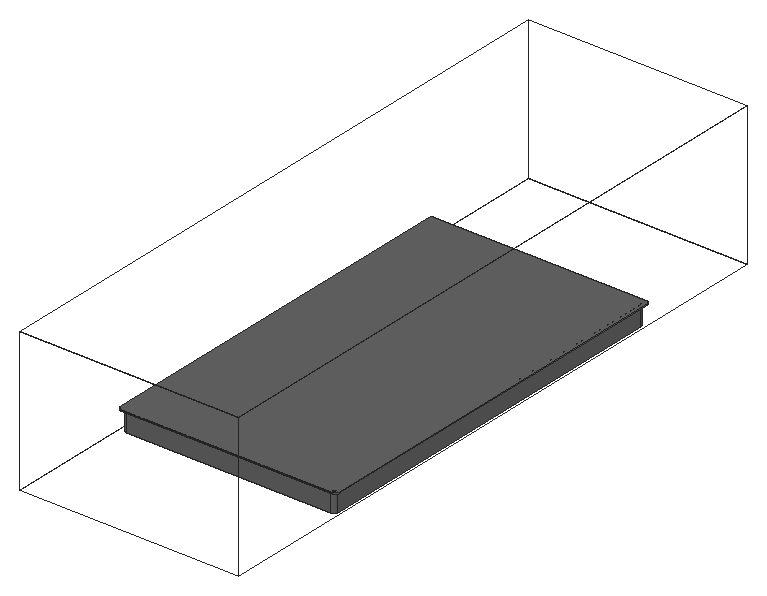
Revit family "Control_Panels-Lutron-DIN_Rail_Retrofit_Subplate (1)", category Electrical Equipment, host Face, Revit 2020
Family settings
  Host = Face
  Panel Configuration = Two Columns, Circuits Across
  Round Connector Dimension = Use Radius
  Part Type = Panelboard
  OmniClass Number = 23.80.30.11.17
  OmniClass Title = Distribution Boards and Control Panels
  Cut with Voids When Loaded = No
  Shared = No
  Room Calculation Point = No
Parameters (values of type "HWR-PD-8-120FT")
  Wattage = "To Be Defined"
  Warranty URL = "www.lutron.com/TechnicalDocumentLibrary/Warranty.pdf"
  Voltage = "120.00 V"
  Video Link = "https://www.youtube.com/user/LutronElectronicsInc"
  Version = "2020 - v1.0a"  # constant formula
  URL = "http://www.lutron.com"
  Type Comments = ""
  Support Phone = "(224) 699-9545"  # constant formula
  Support Email = "mailto: support@bimsmith.com"
  built-in parameter 1140142 [instance] = (empty or 0)
  built-in parameter 1140080 [instance] = "To Be Defined"
  Series = "HomeWorks"  # constant formula
  Product Page URL = "https://residential.lutron.com/us/en/homeworks"
  Product Name = "DIN Rail Retrofit Subplate"  # constant formula
  Product Documentation Link = "https://assets.lutron.com/a/documents/3691250_eng.pdf"
  Power Factor = 1
  Phase = 1
  Performance URL = "http://www.lutron.com/en-US/Service-Support/Pages/Technical/PerfomanceSpecs.aspx"
  Panel Name [instance] = "DIN Rail Retrofit Subplate"  # constant formula
  Overall Width = 21.5"  # constant formula
  Overall Height = 38.5"  # constant formula
  Overall Depth = 1.99"  # constant formula
  Number of Poles = 1
  Neutral Rating = 0.00%
  Neutral Bus = No
  built-in parameter 1140081 [instance] = "Surface"  # constant formula
  built-in parameter 1140084 [instance] = "To Be Defined"
  Model = "HWR-PD-8-120FT"  # constant formula
  built-in parameter 1140079 [instance] = (empty or 0)
  Manufacturer Phone Number = "1-888-409-8483"  # constant formula
  Manufacturer Fax Number = "Consult Manufacturer Website for More Information"  # constant formula
  Manufacturer Email = "mailto:support@lutron.com"
  Manufacturer Address = "7200 Suter Rd, Coopersburg, PA 18036"  # constant formula
  Manufacturer = "Lutron Electronics Co., Inc"  # constant formula
  Mains Type = "To Be Defined"
  built-in parameter 1140082 [instance] = 1 (stored number, unit not read)
  built-in parameter 1140140 [instance] = 1 (stored number, unit not read)
  Load Classification = Power
  Keynote = "16400"
  Instruction Sheet Link = "https://assets.lutron.com/a/documents/043588.pdf"
  Ground Bus = no
  Frequency = 60 Hz
  Finish = Steel - Lutron - Black
  built-in parameter 1155100 [instance] = (empty or 0)
  Feed Through Control Circuit Voltage = 120 V
  Feed Through Control Circuit Load [instance] = 0 VA
  built-in parameter 1140138 [instance] = "To Be Defined"
  built-in parameter 1140083 [instance] = "Must be mounted in a LiteTouch four-module enclosure"  # constant formula
  Electrical Potential = 120 V
  C Electrical Connector Distance = 37.88"  # constant formula
  built-in parameter 1140064 [instance] = (empty or 0)
  Description = "DIN Rail Retrofit Subplate for LiteTouch Enclosures"  # constant formula
  Default Elevation = 0"
  Cost Info = "mailto:custsvc@lutron.com"
  Cost = 0
  Copyright = "© 2023 Lutron Electronics Co., Inc"  # constant formula
  Clearance [instance] = yes
  built-in parameter 1140086 [instance] = "To Be Defined"
  built-in parameter 1140085 [instance] = "To Be Defined"
  built-in parameter 1140087 [instance] = 1
  built-in parameter 1140143 = "To Be Defined"
  Assembly Code = "D5010200"
Reference planes (in)
  plane 1 "Center (Front/Back)": y = 0
  plane 2: z = 0
  plane 3 "Center (Left/Right)": x = 0
  plane 4: z = 1.93
  plane 5: z = 1.99
  plane 6: x = 10.375
  plane 7: x = -10.375
  plane 8: y = -0.25
  plane 9: x = -10.75
  plane 10: x = 10.75
  plane 11: y = 38.25
  plane 12: y = 37.875
Forms (in)
  Extrusion 1, solid, material "Steel - Lutron - Black" <- "Finish"
    sketch origin (-60, -180, 12) x (-1, 0, 0) y (0, -1, 0)
      loop
        line (-49.625, -217.54209) -> (-49.625, -180.33203)
        arc (-49.625, -180.33203) -> (-49.72225, -180.09725) -> (-49.95703, -180) r 0.33203
        line (-49.95703, -180) -> (-70.04297, -180)
        arc (-70.04297, -180) -> (-70.27775, -180.09725) -> (-70.375, -180.33203) r 0.33203
        line (-70.375, -180.33203) -> (-70.375, -217.54297)
        arc (-70.375, -217.54297) -> (-70.27775, -217.77775) -> (-70.04297, -217.875) r 0.33203
        line (-70.04297, -217.875) -> (-49.95791, -217.875)
        arc (-49.95791, -217.875) -> (-49.72251, -217.77749) -> (-49.625, -217.54209) r 0.33291
    from -12 to -10.07
  Extrusion 2, solid, material "Steel - Lutron - Black" <- "Finish"
    sketch origin (-60, -180, 12) x (-1, 0, 0) y (0, -1, 0)
      loop
        line (-49.25, -217.91709) -> (-49.25, -180.08203)
        arc (-49.25, -180.08203) -> (-49.34725, -179.84725) -> (-49.58203, -179.75) r 0.33203
        line (-49.58203, -179.75) -> (-70.41797, -179.75)
        arc (-70.41797, -179.75) -> (-70.65275, -179.84725) -> (-70.75, -180.08203) r 0.33203
        line (-70.75, -180.08203) -> (-70.75, -217.91797)
        arc (-70.75, -217.91797) -> (-70.65275, -218.15275) -> (-70.41797, -218.25) r 0.33203
        line (-70.41797, -218.25) -> (-49.58291, -218.25)
        arc (-49.58291, -218.25) -> (-49.34751, -218.15249) -> (-49.25, -217.91709) r 0.33291
    from -10.07 to -10.01
  Extrusion 3, solid, material "Miscellaneous - Clearances - Lutron", visible <- "Clearance"
    sketch origin (48.75225, 57.38958, 0.99) x (0, 1, 0) y (-1, 0, 0)
      loop
        line (-7.13958, 59.50225) -> (-69.63958, 59.50225) -> (-69.63958, 38.00225) -> (-7.13958, 38.00225) -> (-7.13958, 59.50225)
    from 13 to -0.99
Lines and regions (in)
  Masking region 1, detail levels medium+fine
    outline origin (0, 0, 0) x (1, 0, 0) y (0, 0, 1)
      loop
        line (10.75, 1.93) -> (10.75, 1.99) -> (-10.75, 1.99) -> (-10.75, 1.93) -> (-10.375, 1.93) -> (-10.375, 0) -> (10.375, 0) -> (10.375, 1.93) -> (10.75, 1.93)
  Masking region 2, detail levels coarse
    outline origin (0, 0, 0) x (1, 0, 0) y (0, 0, 1)
      loop
        line (-10.75, 1.93) -> (-10.75, 0) -> (10.75, 0) -> (10.75, 1.93) -> (-10.75, 1.93)
  Masking region 3
    outline origin (-60, -180, 12) x (-1, 0, 0) y (0, -1, 0)
      loop
        arc (-49.25, -180.08203) -> (-49.34725, -179.84725) -> (-49.58203, -179.75) r 0.33203
        line (-49.58203, -179.75) -> (-70.41797, -179.75)
        arc (-70.41797, -179.75) -> (-70.65275, -179.84725) -> (-70.75, -180.08203) r 0.33203
        line (-70.75, -180.08203) -> (-70.75, -217.91797)
        arc (-70.75, -217.91797) -> (-70.65275, -218.15275) -> (-70.41797, -218.25) r 0.33203
        line (-70.41797, -218.25) -> (-49.58291, -218.25)
        arc (-49.58291, -218.25) -> (-49.34751, -218.15249) -> (-49.25, -217.91709) r 0.33291
        line (-49.25, -217.91709) -> (-49.25, -180.08203)
  reference lines
    curve 1: line (0.00044, 37.88, 2.17) -> (36.06294, 37.88, 2.17)
Dimensions and locks (in)
  plane 4 to level = 1.93"
  host sketch curve to plane 3 "Center (Left/Right)" = 48"  (x2)
  locked: host sketch curve to plane 3 "Center (Left/Right)" at 48  (x22)
  locked: host sketch curve to plane 1 "Center (Front/Back)" at 49.60406  (x11)
  host sketch curve to plane 1 "Center (Front/Back)" = 49.60406"
  locked: host sketch curve to plane 1 "Center (Front/Back)" at 48  (x11)
  host sketch curve to plane 1 "Center (Front/Back)" = 48"
  plane 7 to plane 6 = 20.75"
  "Overall Width": plane 9 to plane 10
  "C Electrical Connector Distance": plane 1 "Center (Front/Back)" to curve 1
  "Overall Height": plane 8 to plane 11
  curve 1 to plane 11 = 0.37"
  equal spacing: plane 9, plane 3 "Center (Left/Right)", plane 10
  locked: plane 9 to plane 7 at 0.375
  locked: plane 6 to plane 10 at 0.375
  "Overall Depth": plane 5 to plane 2
  locked: plane 5 to plane 4 at 0.06
  plane 4 to plane 2 = 1.93"
  locked: Extrusion 3 to plane 5 at 12
  locked: plane 11 to Extrusion 3 at 12
  locked: Extrusion 3 to plane 8 at 12
  aligned and locked: plane 2 to host face
  aligned and locked: level to host face
  aligned and locked: plane 7 to Extrusion 1 sketch curve
  aligned and locked: plane 6 to Extrusion 1 sketch curve
  aligned and locked: plane 12 to Extrusion 1 sketch curve
  aligned and locked: Extrusion 1 sketch curve to plane 1 "Center (Front/Back)"
  aligned and locked: Masking region 1 to plane 4  (x2)
  aligned and locked: plane 5 to Masking region 1
  aligned and locked: Masking region 1 to level
  aligned and locked: Masking region 2 to level
  aligned and locked: plane 4 to Masking region 2
  aligned and locked: Masking region 2 to plane 10
  aligned and locked: Masking region 2 to plane 9
  aligned and locked: plane 8 to Extrusion 2
  aligned and locked: Extrusion 1 to level
  aligned and locked: plane 4 to Extrusion 1
  aligned and locked: Extrusion 2 to plane 4
  aligned and locked: plane 5 to Extrusion 2
  aligned and locked: Extrusion 2 to plane 10
  aligned and locked: Extrusion 2 to plane 9
  aligned and locked: Extrusion 2 to plane 11
  aligned and locked: plane 9 to Masking region 3 sketch curve
  aligned and locked: Masking region 3 sketch curve to plane 11
  aligned and locked: Masking region 3 sketch curve to plane 10
  aligned and locked: Masking region 3 sketch curve to plane 8
  aligned and locked: Extrusion 3 to plane 10
  aligned and locked: Extrusion 3 to plane 9
  aligned and locked: Extrusion 3 to level
Automatic sketch dimensions
  plane 7 to Extrusion 1 sketch curve = 0.33203"
  Extrusion 1 sketch curve to Extrusion 1 sketch curve = 0.33291"
  plane 12 to Extrusion 1 sketch curve = 0.33203"
  Extrusion 1 sketch curve to Extrusion 1 sketch curve = 0.33203"
  Masking region 3 sketch curve to plane 6 = 0.04297"  (x2)
  Masking region 3 sketch curve to plane 7 = 0.04297"
  Masking region 3 sketch curve to plane 7 = 0.04209"
  Masking region 1 sketch curve to plane 4 = 0"  (x2)
  Masking region 1 sketch curve to plane 9 = 0"
  Masking region 1 sketch curve to level = 0"
  Masking region 1 sketch curve to plane 7 = 0"
  plane 6 to Masking region 1 sketch curve = 0"
  Masking region 1 sketch curve to plane 5 = 0"
  plane 10 to Masking region 1 sketch curve = 0"
  Extrusion 2 sketch curve to plane 10 = 0"
  plane 11 to Extrusion 2 sketch curve = 0"
  plane 8 to Extrusion 2 sketch curve = 0"
  Extrusion 2 sketch curve to plane 9 = 0"
  Extrusion 2 sketch curve to plane 6 = 0.04297"  (x2)
  Extrusion 2 sketch curve to plane 7 = 0.04209"
  Extrusion 2 sketch curve to plane 7 = 0.04297"
  Masking region 2 sketch curve to level = 0"
  Masking region 2 sketch curve to plane 9 = 0"
  plane 10 to Masking region 2 sketch curve = 0"
  Masking region 2 sketch curve to plane 4 = 0"
  plane 1 "Center (Front/Back)" to Extrusion 3 sketch curve = 12.25"
  Extrusion 3 sketch curve to plane 11 = 12"
  Extrusion 3 sketch curve to plane 10 = 0"
  plane 10 to Extrusion 3 sketch curve = 21.5"
  curve 1 to plane 10 = 25.31294"
  plane 3 "Center (Left/Right)" to curve 1 = 0.00044"
Nested families (in)
  nested 1: "Detail Grill" at (-8.22415, -3.89333, 1.99), type "Grill"
Connectors (in)
  electrical at (0.00044, 37.88, 0.92), driven by "Number of Poles", driven by "Load Classification", driven by "Electrical Potential", driven by "Feed Through Control Circuit Load", driven by "Power Factor"
    settings: on curve 1, index 6, voltage 120 V, apparent load 0 VA, apparent load phase1 0 VA, apparent load phase2 0 VA, apparent load phase3 0 VA, power factor 1, load classification "Power", number of poles 1, system type 31, power factor state 1, is connector primary yes, connector utility no, sub classification motor no, connector description ""
Definition of nested family "Detail Grill"
  Parameters (values of type "Grill")
    Size E = Constraint = 5  # no
    Size D = Constraint = 4  # no
    Size C = Constraint = 3  # no
    Size B = Constraint = 2  # no
    Size A = Constraint = 1  # yes
    Default Elevation = 48"
    Constraint = 1
  Reference planes (in)
    plane 1 "Center (Front/Back)": y = 0
    plane 2: z = 0
    plane 3 "Center (Left/Right)": x = 0
  Forms (in)
    Extrusion 1, solid
      sketch origin (0, 0, 0) x (1, 0, 0) y (0, 1, 0)
        loop
          line (-48, 48) -> (-48, -48) -> (48, -48) -> (48, 48) -> (-48, 48)
      from 0 to -12
  Lines and regions (in)
    model lines, visible <- "Size A", detail levels fine
      curve 1: line (3.84925, 40.19945, 0) -> (3.84925, 40.10935, 0)
      curve 2: line (3.84925, 40.10935, 0) -> (4.84925, 40.10935, 0)
      curve 3: line (3.84925, 40.19945, 0) -> (4.84925, 40.19945, 0)
      curve 4: line (4.84925, 40.19945, 0) -> (4.84925, 40.10935, 0)
      curve 5: line (3.84925, 39.96141, 0) -> (3.84925, 39.8713, 0)
      curve 6: line (3.84925, 39.8713, 0) -> (4.84925, 39.8713, 0)
      curve 7: line (3.84925, 39.96141, 0) -> (4.84925, 39.96141, 0)
      curve 8: line (4.84925, 39.96141, 0) -> (4.84925, 39.8713, 0)
      curve 9: line (3.84925, 39.72346, 0) -> (3.84925, 39.63335, 0)
      curve 10: line (3.84925, 39.63335, 0) -> (4.84925, 39.63335, 0)
      curve 11: line (3.84925, 39.72346, 0) -> (4.84925, 39.72346, 0)
      curve 12: line (4.84925, 39.72346, 0) -> (4.84925, 39.63335, 0)
      curve 13: line (5.09915, 40.19945, 0) -> (5.09915, 40.10935, 0)
      curve 14: line (5.09915, 40.10935, 0) -> (6.09915, 40.10935, 0)
      curve 15: line (5.09915, 40.19945, 0) -> (6.09915, 40.19945, 0)
      curve 16: line (6.09915, 40.19945, 0) -> (6.09915, 40.10935, 0)
      curve 17: line (5.09915, 39.96141, 0) -> (5.09915, 39.8713, 0)
      curve 18: line (5.09915, 39.8713, 0) -> (6.09915, 39.8713, 0)
      curve 19: line (5.09915, 39.96141, 0) -> (6.09915, 39.96141, 0)
      curve 20: line (6.09915, 39.96141, 0) -> (6.09915, 39.8713, 0)
      curve 21: line (5.09915, 39.72346, 0) -> (5.09915, 39.63335, 0)
      curve 22: line (5.09915, 39.63335, 0) -> (6.09915, 39.63335, 0)
      curve 23: line (5.09915, 39.72346, 0) -> (6.09915, 39.72346, 0)
      curve 24: line (6.09915, 39.72346, 0) -> (6.09915, 39.63335, 0)
      curve 25: line (6.34915, 40.19945, 0) -> (6.34915, 40.10935, 0)
      curve 26: line (6.34915, 40.10935, 0) -> (7.34915, 40.10935, 0)
      curve 27: line (6.34915, 40.19945, 0) -> (7.34915, 40.19945, 0)
      curve 28: line (7.34915, 40.19945, 0) -> (7.34915, 40.10935, 0)
      curve 29: line (6.34915, 39.96141, 0) -> (6.34915, 39.8713, 0)
      curve 30: line (6.34915, 39.8713, 0) -> (7.34915, 39.8713, 0)
      curve 31: line (6.34915, 39.96141, 0) -> (7.34915, 39.96141, 0)
      curve 32: line (7.34915, 39.96141, 0) -> (7.34915, 39.8713, 0)
      curve 33: line (6.34915, 39.72346, 0) -> (6.34915, 39.63335, 0)
      curve 34: line (6.34915, 39.63335, 0) -> (7.34915, 39.63335, 0)
      curve 35: line (6.34915, 39.72346, 0) -> (7.34915, 39.72346, 0)
      curve 36: line (7.34915, 39.72346, 0) -> (7.34915, 39.63335, 0)
      curve 37: line (7.59915, 40.19945, 0) -> (7.59915, 40.10935, 0)
      curve 38: line (7.59915, 40.10935, 0) -> (8.59915, 40.10935, 0)
      curve 39: line (7.59915, 40.19945, 0) -> (8.59915, 40.19945, 0)
      curve 40: line (8.59915, 40.19945, 0) -> (8.59915, 40.10935, 0)
      curve 41: line (7.59915, 39.96141, 0) -> (7.59915, 39.8713, 0)
      curve 42: line (7.59915, 39.8713, 0) -> (8.59915, 39.8713, 0)
      curve 43: line (7.59915, 39.96141, 0) -> (8.59915, 39.96141, 0)
      curve 44: line (8.59915, 39.96141, 0) -> (8.59915, 39.8713, 0)
      curve 45: line (7.59915, 39.72346, 0) -> (7.59915, 39.63335, 0)
      curve 46: line (7.59915, 39.63335, 0) -> (8.59915, 39.63335, 0)
      curve 47: line (7.59915, 39.72346, 0) -> (8.59915, 39.72346, 0)
      curve 48: line (8.59915, 39.72346, 0) -> (8.59915, 39.63335, 0)
      curve 49: line (8.84915, 40.19945, 0) -> (8.84915, 40.10935, 0)
      curve 50: line (8.84915, 40.10935, 0) -> (9.84915, 40.10935, 0)
      curve 51: line (8.84915, 40.19945, 0) -> (9.84915, 40.19945, 0)
      curve 52: line (9.84915, 40.19945, 0) -> (9.84915, 40.10935, 0)
      curve 53: line (8.84915, 39.96141, 0) -> (8.84915, 39.8713, 0)
      curve 54: line (8.84915, 39.8713, 0) -> (9.84915, 39.8713, 0)
      curve 55: line (8.84915, 39.96141, 0) -> (9.84915, 39.96141, 0)
      curve 56: line (9.84915, 39.96141, 0) -> (9.84915, 39.8713, 0)
      curve 57: line (8.84915, 39.72346, 0) -> (8.84915, 39.63335, 0)
      curve 58: line (8.84915, 39.63335, 0) -> (9.84915, 39.63335, 0)
      curve 59: line (8.84915, 39.72346, 0) -> (9.84915, 39.72346, 0)
      curve 60: line (9.84915, 39.72346, 0) -> (9.84915, 39.63335, 0)
      curve 61: line (3.84925, 37.9494, 0) -> (3.84925, 37.85929, 0)
      curve 62: line (3.84925, 37.85929, 0) -> (4.84925, 37.85929, 0)
      curve 63: line (3.84925, 37.9494, 0) -> (4.84925, 37.9494, 0)
      curve 64: line (4.84925, 37.9494, 0) -> (4.84925, 37.85929, 0)
      curve 65: line (3.84925, 37.71135, 0) -> (3.84925, 37.62124, 0)
      curve 66: line (3.84925, 37.62124, 0) -> (4.84925, 37.62124, 0)
      curve 67: line (3.84925, 37.71135, 0) -> (4.84925, 37.71135, 0)
      curve 68: line (4.84925, 37.71135, 0) -> (4.84925, 37.62124, 0)
      curve 69: line (3.84925, 37.4734, 0) -> (3.84925, 37.38329, 0)
      curve 70: line (3.84925, 37.38329, 0) -> (4.84925, 37.38329, 0)
      curve 71: line (3.84925, 37.4734, 0) -> (4.84925, 37.4734, 0)
      curve 72: line (4.84925, 37.4734, 0) -> (4.84925, 37.38329, 0)
      curve 73: line (5.09915, 37.9494, 0) -> (5.09915, 37.85929, 0)
      curve 74: line (5.09915, 37.85929, 0) -> (6.09915, 37.85929, 0)
      curve 75: line (5.09915, 37.9494, 0) -> (6.09915, 37.9494, 0)
      curve 76: line (6.09915, 37.9494, 0) -> (6.09915, 37.85929, 0)
      curve 77: line (5.09915, 37.71135, 0) -> (5.09915, 37.62124, 0)
      curve 78: line (5.09915, 37.62124, 0) -> (6.09915, 37.62124, 0)
      curve 79: line (5.09915, 37.71135, 0) -> (6.09915, 37.71135, 0)
      curve 80: line (6.09915, 37.71135, 0) -> (6.09915, 37.62124, 0)
      curve 81: line (5.09915, 37.4734, 0) -> (5.09915, 37.38329, 0)
      curve 82: line (5.09915, 37.38329, 0) -> (6.09915, 37.38329, 0)
      curve 83: line (5.09915, 37.4734, 0) -> (6.09915, 37.4734, 0)
      curve 84: line (6.09915, 37.4734, 0) -> (6.09915, 37.38329, 0)
      curve 85: line (6.34915, 37.9494, 0) -> (6.34915, 37.85929, 0)
      curve 86: line (6.34915, 37.85929, 0) -> (7.34915, 37.85929, 0)
      curve 87: line (6.34915, 37.9494, 0) -> (7.34915, 37.9494, 0)
      curve 88: line (7.34915, 37.9494, 0) -> (7.34915, 37.85929, 0)
      curve 89: line (6.34915, 37.71135, 0) -> (6.34915, 37.62124, 0)
      curve 90: line (6.34915, 37.62124, 0) -> (7.34915, 37.62124, 0)
      curve 91: line (6.34915, 37.71135, 0) -> (7.34915, 37.71135, 0)
      curve 92: line (7.34915, 37.71135, 0) -> (7.34915, 37.62124, 0)
      curve 93: line (6.34915, 37.4734, 0) -> (6.34915, 37.38329, 0)
      curve 94: line (6.34915, 37.38329, 0) -> (7.34915, 37.38329, 0)
      curve 95: line (6.34915, 37.4734, 0) -> (7.34915, 37.4734, 0)
      curve 96: line (7.34915, 37.4734, 0) -> (7.34915, 37.38329, 0)
      curve 97: line (7.59915, 37.9494, 0) -> (7.59915, 37.85929, 0)
      curve 98: line (7.59915, 37.85929, 0) -> (8.59915, 37.85929, 0)
      curve 99: line (7.59915, 37.9494, 0) -> (8.59915, 37.9494, 0)
      curve 100: line (8.59915, 37.9494, 0) -> (8.59915, 37.85929, 0)
      curve 101: line (7.59915, 37.71135, 0) -> (7.59915, 37.62124, 0)
      curve 102: line (7.59915, 37.62124, 0) -> (8.59915, 37.62124, 0)
      curve 103: line (7.59915, 37.71135, 0) -> (8.59915, 37.71135, 0)
      curve 104: line (8.59915, 37.71135, 0) -> (8.59915, 37.62124, 0)
      curve 105: line (7.59915, 37.4734, 0) -> (7.59915, 37.38329, 0)
      curve 106: line (7.59915, 37.38329, 0) -> (8.59915, 37.38329, 0)
      curve 107: line (7.59915, 37.4734, 0) -> (8.59915, 37.4734, 0)
      curve 108: line (8.59915, 37.4734, 0) -> (8.59915, 37.38329, 0)
      curve 109: line (8.84915, 37.9494, 0) -> (8.84915, 37.85929, 0)
      curve 110: line (8.84915, 37.85929, 0) -> (9.84915, 37.85929, 0)
      curve 111: line (8.84915, 37.9494, 0) -> (9.84915, 37.9494, 0)
      curve 112: line (9.84915, 37.9494, 0) -> (9.84915, 37.85929, 0)
      curve 113: line (8.84915, 37.71135, 0) -> (8.84915, 37.62124, 0)
      curve 114: line (8.84915, 37.62124, 0) -> (9.84915, 37.62124, 0)
      curve 115: line (8.84915, 37.71135, 0) -> (9.84915, 37.71135, 0)
      curve 116: line (9.84915, 37.71135, 0) -> (9.84915, 37.62124, 0)
      curve 117: line (8.84915, 37.4734, 0) -> (8.84915, 37.38329, 0)
      curve 118: line (8.84915, 37.38329, 0) -> (9.84915, 37.38329, 0)
      curve 119: line (8.84915, 37.4734, 0) -> (9.84915, 37.4734, 0)
      curve 120: line (9.84915, 37.4734, 0) -> (9.84915, 37.38329, 0)
      curve 121: line (3.84925, 38.34736, 0) -> (3.84925, 38.09744, 0)
      curve 122: line (3.84925, 38.09744, 0) -> (4.84925, 38.09744, 0)
      curve 123: line (3.84925, 38.34736, 0) -> (4.84925, 38.34736, 0)
      curve 124: line (4.84925, 38.34736, 0) -> (4.84925, 38.09744, 0)
      curve 125: line (3.84925, 38.74537, 0) -> (3.84925, 38.49545, 0)
      curve 126: line (3.84925, 38.49545, 0) -> (4.84925, 38.49545, 0)
      curve 127: line (3.84925, 38.74537, 0) -> (4.84925, 38.74537, 0)
      curve 128: line (4.84925, 38.74537, 0) -> (4.84925, 38.49545, 0)
      curve 129: line (3.84925, 39.14336, 0) -> (3.84925, 38.89344, 0)
      curve 130: line (3.84925, 38.89344, 0) -> (4.84925, 38.89344, 0)
      curve 131: line (3.84925, 39.14336, 0) -> (4.84925, 39.14336, 0)
      curve 132: line (4.84925, 39.14336, 0) -> (4.84925, 38.89344, 0)
      curve 133: line (5.09915, 38.34736, 0) -> (5.09915, 38.09744, 0)
      curve 134: line (5.09915, 38.09744, 0) -> (6.09915, 38.09744, 0)
      curve 135: line (5.09915, 38.34736, 0) -> (6.09915, 38.34736, 0)
      curve 136: line (6.09915, 38.34736, 0) -> (6.09915, 38.09744, 0)
      curve 137: line (5.09915, 38.74537, 0) -> (5.09915, 38.49545, 0)
      curve 138: line (5.09915, 38.49545, 0) -> (6.09915, 38.49545, 0)
      curve 139: line (5.09915, 38.74537, 0) -> (6.09915, 38.74537, 0)
      curve 140: line (6.09915, 38.74537, 0) -> (6.09915, 38.49545, 0)
      curve 141: line (5.09915, 39.14336, 0) -> (5.09915, 38.89344, 0)
      curve 142: line (5.09915, 38.89344, 0) -> (6.09915, 38.89344, 0)
      curve 143: line (5.09915, 39.14336, 0) -> (6.09915, 39.14336, 0)
      curve 144: line (6.09915, 39.14336, 0) -> (6.09915, 38.89344, 0)
      curve 145: line (6.34915, 38.34736, 0) -> (6.34915, 38.09744, 0)
      curve 146: line (6.34915, 38.09744, 0) -> (7.34915, 38.09744, 0)
      curve 147: line (6.34915, 38.34736, 0) -> (7.34915, 38.34736, 0)
      curve 148: line (7.34915, 38.34736, 0) -> (7.34915, 38.09744, 0)
      curve 149: line (6.34915, 38.74537, 0) -> (6.34915, 38.49545, 0)
      curve 150: line (6.34915, 38.49545, 0) -> (7.34915, 38.49545, 0)
      curve 151: line (6.34915, 38.74537, 0) -> (7.34915, 38.74537, 0)
      curve 152: line (7.34915, 38.74537, 0) -> (7.34915, 38.49545, 0)
      curve 153: line (6.34915, 39.14336, 0) -> (6.34915, 38.89344, 0)
      curve 154: line (6.34915, 38.89344, 0) -> (7.34915, 38.89344, 0)
      curve 155: line (6.34915, 39.14336, 0) -> (7.34915, 39.14336, 0)
      curve 156: line (7.34915, 39.14336, 0) -> (7.34915, 38.89344, 0)
      curve 157: line (7.59915, 38.34736, 0) -> (7.59915, 38.09744, 0)
      curve 158: line (7.59915, 38.09744, 0) -> (8.59915, 38.09744, 0)
      curve 159: line (7.59915, 38.34736, 0) -> (8.59915, 38.34736, 0)
      curve 160: line (8.59915, 38.34736, 0) -> (8.59915, 38.09744, 0)
      curve 161: line (7.59915, 38.74537, 0) -> (7.59915, 38.49545, 0)
      curve 162: line (7.59915, 38.49545, 0) -> (8.59915, 38.49545, 0)
      curve 163: line (7.59915, 38.74537, 0) -> (8.59915, 38.74537, 0)
      curve 164: line (8.59915, 38.74537, 0) -> (8.59915, 38.49545, 0)
      curve 165: line (7.59915, 39.14336, 0) -> (7.59915, 38.89344, 0)
      curve 166: line (7.59915, 38.89344, 0) -> (8.59915, 38.89344, 0)
      curve 167: line (7.59915, 39.14336, 0) -> (8.59915, 39.14336, 0)
      curve 168: line (8.59915, 39.14336, 0) -> (8.59915, 38.89344, 0)
      curve 169: line (8.84915, 38.34736, 0) -> (8.84915, 38.09744, 0)
      curve 170: line (8.84915, 38.09744, 0) -> (9.84915, 38.09744, 0)
      curve 171: line (8.84915, 38.34736, 0) -> (9.84915, 38.34736, 0)
      curve 172: line (9.84915, 38.34736, 0) -> (9.84915, 38.09744, 0)
      curve 173: line (8.84915, 38.74537, 0) -> (8.84915, 38.49545, 0)
      curve 174: line (8.84915, 38.49545, 0) -> (9.84915, 38.49545, 0)
      curve 175: line (8.84915, 38.74537, 0) -> (9.84915, 38.74537, 0)
      curve 176: line (9.84915, 38.74537, 0) -> (9.84915, 38.49545, 0)
      curve 177: line (8.84915, 39.14336, 0) -> (8.84915, 38.89344, 0)
      curve 178: line (8.84915, 38.89344, 0) -> (9.84915, 38.89344, 0)
      curve 179: line (8.84915, 39.14336, 0) -> (9.84915, 39.14336, 0)
      curve 180: line (9.84915, 39.14336, 0) -> (9.84915, 38.89344, 0)
      curve 181: line (3.84925, 35.69944, 0) -> (3.84925, 35.60933, 0)
      curve 182: line (3.84925, 35.60933, 0) -> (4.84925, 35.60933, 0)
      curve 183: line (3.84925, 35.69944, 0) -> (4.84925, 35.69944, 0)
      curve 184: line (4.84925, 35.69944, 0) -> (4.84925, 35.60933, 0)
      curve 185: line (3.84925, 35.46139, 0) -> (3.84925, 35.37128, 0)
      curve 186: line (3.84925, 35.37128, 0) -> (4.84925, 35.37128, 0)
      curve 187: line (3.84925, 35.46139, 0) -> (4.84925, 35.46139, 0)
      curve 188: line (4.84925, 35.46139, 0) -> (4.84925, 35.37128, 0)
      curve 189: line (3.84925, 35.22344, 0) -> (3.84925, 35.13333, 0)
      curve 190: line (3.84925, 35.13333, 0) -> (4.84925, 35.13333, 0)
      curve 191: line (3.84925, 35.22344, 0) -> (4.84925, 35.22344, 0)
      curve 192: line (4.84925, 35.22344, 0) -> (4.84925, 35.13333, 0)
      curve 193: line (5.09915, 35.69944, 0) -> (5.09915, 35.60933, 0)
      curve 194: line (5.09915, 35.60933, 0) -> (6.09915, 35.60933, 0)
      curve 195: line (5.09915, 35.69944, 0) -> (6.09915, 35.69944, 0)
      curve 196: line (6.09915, 35.69944, 0) -> (6.09915, 35.60933, 0)
      curve 197: line (5.09915, 35.46139, 0) -> (5.09915, 35.37128, 0)
      curve 198: line (5.09915, 35.37128, 0) -> (6.09915, 35.37128, 0)
      curve 199: line (5.09915, 35.46139, 0) -> (6.09915, 35.46139, 0)
      curve 200: line (6.09915, 35.46139, 0) -> (6.09915, 35.37128, 0)
      curve 201: line (5.09915, 35.22344, 0) -> (5.09915, 35.13333, 0)
      curve 202: line (5.09915, 35.13333, 0) -> (6.09915, 35.13333, 0)
      curve 203: line (5.09915, 35.22344, 0) -> (6.09915, 35.22344, 0)
      curve 204: line (6.09915, 35.22344, 0) -> (6.09915, 35.13333, 0)
      curve 205: line (6.34915, 35.69944, 0) -> (6.34915, 35.60933, 0)
      curve 206: line (6.34915, 35.60933, 0) -> (7.34915, 35.60933, 0)
      curve 207: line (6.34915, 35.69944, 0) -> (7.34915, 35.69944, 0)
      curve 208: line (7.34915, 35.69944, 0) -> (7.34915, 35.60933, 0)
      curve 209: line (6.34915, 35.46139, 0) -> (6.34915, 35.37128, 0)
      curve 210: line (6.34915, 35.37128, 0) -> (7.34915, 35.37128, 0)
      curve 211: line (6.34915, 35.46139, 0) -> (7.34915, 35.46139, 0)
      curve 212: line (7.34915, 35.46139, 0) -> (7.34915, 35.37128, 0)
      curve 213: line (6.34915, 35.22344, 0) -> (6.34915, 35.13333, 0)
      curve 214: line (6.34915, 35.13333, 0) -> (7.34915, 35.13333, 0)
      curve 215: line (6.34915, 35.22344, 0) -> (7.34915, 35.22344, 0)
      curve 216: line (7.34915, 35.22344, 0) -> (7.34915, 35.13333, 0)
      curve 217: line (7.59915, 35.69944, 0) -> (7.59915, 35.60933, 0)
      curve 218: line (7.59915, 35.60933, 0) -> (8.59915, 35.60933, 0)
      curve 219: line (7.59915, 35.69944, 0) -> (8.59915, 35.69944, 0)
      curve 220: line (8.59915, 35.69944, 0) -> (8.59915, 35.60933, 0)
      curve 221: line (7.59915, 35.46139, 0) -> (7.59915, 35.37128, 0)
      curve 222: line (7.59915, 35.37128, 0) -> (8.59915, 35.37128, 0)
      curve 223: line (7.59915, 35.46139, 0) -> (8.59915, 35.46139, 0)
      curve 224: line (8.59915, 35.46139, 0) -> (8.59915, 35.37128, 0)
      curve 225: line (7.59915, 35.22344, 0) -> (7.59915, 35.13333, 0)
      curve 226: line (7.59915, 35.13333, 0) -> (8.59915, 35.13333, 0)
      curve 227: line (7.59915, 35.22344, 0) -> (8.59915, 35.22344, 0)
      curve 228: line (8.59915, 35.22344, 0) -> (8.59915, 35.13333, 0)
      curve 229: line (8.84915, 35.69944, 0) -> (8.84915, 35.60933, 0)
      curve 230: line (8.84915, 35.60933, 0) -> (9.84915, 35.60933, 0)
      curve 231: line (8.84915, 35.69944, 0) -> (9.84915, 35.69944, 0)
      curve 232: line (9.84915, 35.69944, 0) -> (9.84915, 35.60933, 0)
      curve 233: line (8.84915, 35.46139, 0) -> (8.84915, 35.37128, 0)
      curve 234: line (8.84915, 35.37128, 0) -> (9.84915, 35.37128, 0)
      curve 235: line (8.84915, 35.46139, 0) -> (9.84915, 35.46139, 0)
      curve 236: line (9.84915, 35.46139, 0) -> (9.84915, 35.37128, 0)
      curve 237: line (8.84915, 35.22344, 0) -> (8.84915, 35.13333, 0)
      curve 238: line (8.84915, 35.13333, 0) -> (9.84915, 35.13333, 0)
      curve 239: line (8.84915, 35.22344, 0) -> (9.84915, 35.22344, 0)
      curve 240: line (9.84915, 35.22344, 0) -> (9.84915, 35.13333, 0)
      curve 241: line (3.84925, 36.0974, 0) -> (3.84925, 35.84748, 0)
      curve 242: line (3.84925, 35.84748, 0) -> (4.84925, 35.84748, 0)
      curve 243: line (3.84925, 36.0974, 0) -> (4.84925, 36.0974, 0)
      curve 244: line (4.84925, 36.0974, 0) -> (4.84925, 35.84748, 0)
      curve 245: line (3.84925, 36.49541, 0) -> (3.84925, 36.24549, 0)
      curve 246: line (3.84925, 36.24549, 0) -> (4.84925, 36.24549, 0)
      curve 247: line (3.84925, 36.49541, 0) -> (4.84925, 36.49541, 0)
      curve 248: line (4.84925, 36.49541, 0) -> (4.84925, 36.24549, 0)
      curve 249: line (3.84925, 36.8934, 0) -> (3.84925, 36.64348, 0)
      curve 250: line (3.84925, 36.64348, 0) -> (4.84925, 36.64348, 0)
      curve 251: line (3.84925, 36.8934, 0) -> (4.84925, 36.8934, 0)
      curve 252: line (4.84925, 36.8934, 0) -> (4.84925, 36.64348, 0)
      curve 253: line (5.09915, 36.0974, 0) -> (5.09915, 35.84748, 0)
      curve 254: line (5.09915, 35.84748, 0) -> (6.09915, 35.84748, 0)
      curve 255: line (5.09915, 36.0974, 0) -> (6.09915, 36.0974, 0)
      curve 256: line (6.09915, 36.0974, 0) -> (6.09915, 35.84748, 0)
      curve 257: line (5.09915, 36.49541, 0) -> (5.09915, 36.24549, 0)
      curve 258: line (5.09915, 36.24549, 0) -> (6.09915, 36.24549, 0)
      curve 259: line (5.09915, 36.49541, 0) -> (6.09915, 36.49541, 0)
      curve 260: line (6.09915, 36.49541, 0) -> (6.09915, 36.24549, 0)
      curve 261: line (5.09915, 36.8934, 0) -> (5.09915, 36.64348, 0)
      curve 262: line (5.09915, 36.64348, 0) -> (6.09915, 36.64348, 0)
      curve 263: line (5.09915, 36.8934, 0) -> (6.09915, 36.8934, 0)
      curve 264: line (6.09915, 36.8934, 0) -> (6.09915, 36.64348, 0)
      curve 265: line (6.34915, 36.0974, 0) -> (6.34915, 35.84748, 0)
      curve 266: line (6.34915, 35.84748, 0) -> (7.34915, 35.84748, 0)
      curve 267: line (6.34915, 36.0974, 0) -> (7.34915, 36.0974, 0)
      curve 268: line (7.34915, 36.0974, 0) -> (7.34915, 35.84748, 0)
      curve 269: line (6.34915, 36.49541, 0) -> (6.34915, 36.24549, 0)
      curve 270: line (6.34915, 36.24549, 0) -> (7.34915, 36.24549, 0)
      curve 271: line (6.34915, 36.49541, 0) -> (7.34915, 36.49541, 0)
      curve 272: line (7.34915, 36.49541, 0) -> (7.34915, 36.24549, 0)
      curve 273: line (6.34915, 36.8934, 0) -> (6.34915, 36.64348, 0)
      curve 274: line (6.34915, 36.64348, 0) -> (7.34915, 36.64348, 0)
      curve 275: line (6.34915, 36.8934, 0) -> (7.34915, 36.8934, 0)
      curve 276: line (7.34915, 36.8934, 0) -> (7.34915, 36.64348, 0)
      curve 277: line (7.59915, 36.0974, 0) -> (7.59915, 35.84748, 0)
      curve 278: line (7.59915, 35.84748, 0) -> (8.59915, 35.84748, 0)
      curve 279: line (7.59915, 36.0974, 0) -> (8.59915, 36.0974, 0)
      curve 280: line (8.59915, 36.0974, 0) -> (8.59915, 35.84748, 0)
      curve 281: line (7.59915, 36.49541, 0) -> (7.59915, 36.24549, 0)
      curve 282: line (7.59915, 36.24549, 0) -> (8.59915, 36.24549, 0)
      curve 283: line (7.59915, 36.49541, 0) -> (8.59915, 36.49541, 0)
      curve 284: line (8.59915, 36.49541, 0) -> (8.59915, 36.24549, 0)
      curve 285: line (7.59915, 36.8934, 0) -> (7.59915, 36.64348, 0)
      curve 286: line (7.59915, 36.64348, 0) -> (8.59915, 36.64348, 0)
      curve 287: line (7.59915, 36.8934, 0) -> (8.59915, 36.8934, 0)
      curve 288: line (8.59915, 36.8934, 0) -> (8.59915, 36.64348, 0)
      curve 289: line (8.84915, 36.0974, 0) -> (8.84915, 35.84748, 0)
      curve 290: line (8.84915, 35.84748, 0) -> (9.84915, 35.84748, 0)
      curve 291: line (8.84915, 36.0974, 0) -> (9.84915, 36.0974, 0)
      curve 292: line (9.84915, 36.0974, 0) -> (9.84915, 35.84748, 0)
      curve 293: line (8.84915, 36.49541, 0) -> (8.84915, 36.24549, 0)
      curve 294: line (8.84915, 36.24549, 0) -> (9.84915, 36.24549, 0)
      curve 295: line (8.84915, 36.49541, 0) -> (9.84915, 36.49541, 0)
      curve 296: line (9.84915, 36.49541, 0) -> (9.84915, 36.24549, 0)
      curve 297: line (8.84915, 36.8934, 0) -> (8.84915, 36.64348, 0)
      curve 298: line (8.84915, 36.64348, 0) -> (9.84915, 36.64348, 0)
      curve 299: line (8.84915, 36.8934, 0) -> (9.84915, 36.8934, 0)
      curve 300: line (9.84915, 36.8934, 0) -> (9.84915, 36.64348, 0)
      curve 301: line (3.84925, 33.44943, 0) -> (3.84925, 33.35932, 0)
      curve 302: line (3.84925, 33.35932, 0) -> (4.84925, 33.35932, 0)
      curve 303: line (3.84925, 33.44943, 0) -> (4.84925, 33.44943, 0)
      curve 304: line (4.84925, 33.44943, 0) -> (4.84925, 33.35932, 0)
      curve 305: line (3.84925, 33.21138, 0) -> (3.84925, 33.12128, 0)
      curve 306: line (3.84925, 33.12128, 0) -> (4.84925, 33.12128, 0)
      curve 307: line (3.84925, 33.21138, 0) -> (4.84925, 33.21138, 0)
      curve 308: line (4.84925, 33.21138, 0) -> (4.84925, 33.12128, 0)
      curve 309: line (3.84925, 32.97343, 0) -> (3.84925, 32.88333, 0)
      curve 310: line (3.84925, 32.88333, 0) -> (4.84925, 32.88333, 0)
      curve 311: line (3.84925, 32.97343, 0) -> (4.84925, 32.97343, 0)
      curve 312: line (4.84925, 32.97343, 0) -> (4.84925, 32.88333, 0)
      curve 313: line (5.09915, 33.44943, 0) -> (5.09915, 33.35932, 0)
      curve 314: line (5.09915, 33.35932, 0) -> (6.09915, 33.35932, 0)
      curve 315: line (5.09915, 33.44943, 0) -> (6.09915, 33.44943, 0)
      curve 316: line (6.09915, 33.44943, 0) -> (6.09915, 33.35932, 0)
      curve 317: line (5.09915, 33.21138, 0) -> (5.09915, 33.12128, 0)
      curve 318: line (5.09915, 33.12128, 0) -> (6.09915, 33.12128, 0)
      curve 319: line (5.09915, 33.21138, 0) -> (6.09915, 33.21138, 0)
      curve 320: line (6.09915, 33.21138, 0) -> (6.09915, 33.12128, 0)
      curve 321: line (5.09915, 32.97343, 0) -> (5.09915, 32.88333, 0)
      curve 322: line (5.09915, 32.88333, 0) -> (6.09915, 32.88333, 0)
      curve 323: line (5.09915, 32.97343, 0) -> (6.09915, 32.97343, 0)
      curve 324: line (6.09915, 32.97343, 0) -> (6.09915, 32.88333, 0)
      curve 325: line (6.34915, 33.44943, 0) -> (6.34915, 33.35932, 0)
      curve 326: line (6.34915, 33.35932, 0) -> (7.34915, 33.35932, 0)
      curve 327: line (6.34915, 33.44943, 0) -> (7.34915, 33.44943, 0)
      curve 328: line (7.34915, 33.44943, 0) -> (7.34915, 33.35932, 0)
      curve 329: line (6.34915, 33.21138, 0) -> (6.34915, 33.12128, 0)
      curve 330: line (6.34915, 33.12128, 0) -> (7.34915, 33.12128, 0)
      curve 331: line (6.34915, 33.21138, 0) -> (7.34915, 33.21138, 0)
      curve 332: line (7.34915, 33.21138, 0) -> (7.34915, 33.12128, 0)
      curve 333: line (6.34915, 32.97343, 0) -> (6.34915, 32.88333, 0)
      curve 334: line (6.34915, 32.88333, 0) -> (7.34915, 32.88333, 0)
      curve 335: line (6.34915, 32.97343, 0) -> (7.34915, 32.97343, 0)
      curve 336: line (7.34915, 32.97343, 0) -> (7.34915, 32.88333, 0)
      curve 337: line (7.59915, 33.44943, 0) -> (7.59915, 33.35932, 0)
      curve 338: line (7.59915, 33.35932, 0) -> (8.59915, 33.35932, 0)
      curve 339: line (7.59915, 33.44943, 0) -> (8.59915, 33.44943, 0)
      curve 340: line (8.59915, 33.44943, 0) -> (8.59915, 33.35932, 0)
      curve 341: line (7.59915, 33.21138, 0) -> (7.59915, 33.12128, 0)
      curve 342: line (7.59915, 33.12128, 0) -> (8.59915, 33.12128, 0)
      curve 343: line (7.59915, 33.21138, 0) -> (8.59915, 33.21138, 0)
      curve 344: line (8.59915, 33.21138, 0) -> (8.59915, 33.12128, 0)
      curve 345: line (7.59915, 32.97343, 0) -> (7.59915, 32.88333, 0)
      curve 346: line (7.59915, 32.88333, 0) -> (8.59915, 32.88333, 0)
      curve 347: line (7.59915, 32.97343, 0) -> (8.59915, 32.97343, 0)
      curve 348: line (8.59915, 32.97343, 0) -> (8.59915, 32.88333, 0)
      curve 349: line (8.84915, 33.44943, 0) -> (8.84915, 33.35932, 0)
      curve 350: line (8.84915, 33.35932, 0) -> (9.84915, 33.35932, 0)
      curve 351: line (8.84915, 33.44943, 0) -> (9.84915, 33.44943, 0)
      curve 352: line (9.84915, 33.44943, 0) -> (9.84915, 33.35932, 0)
      curve 353: line (8.84915, 33.21138, 0) -> (8.84915, 33.12128, 0)
      curve 354: line (8.84915, 33.12128, 0) -> (9.84915, 33.12128, 0)
      curve 355: line (8.84915, 33.21138, 0) -> (9.84915, 33.21138, 0)
      curve 356: line (9.84915, 33.21138, 0) -> (9.84915, 33.12128, 0)
      curve 357: line (8.84915, 32.97343, 0) -> (8.84915, 32.88333, 0)
      curve 358: line (8.84915, 32.88333, 0) -> (9.84915, 32.88333, 0)
      curve 359: line (8.84915, 32.97343, 0) -> (9.84915, 32.97343, 0)
      curve 360: line (9.84915, 32.97343, 0) -> (9.84915, 32.88333, 0)
      curve 361: line (3.84925, 33.84739, 0) -> (3.84925, 33.59748, 0)
      curve 362: line (3.84925, 33.59748, 0) -> (4.84925, 33.59748, 0)
      curve 363: line (3.84925, 33.84739, 0) -> (4.84925, 33.84739, 0)
      curve 364: line (4.84925, 33.84739, 0) -> (4.84925, 33.59748, 0)
      curve 365: line (3.84925, 34.24541, 0) -> (3.84925, 33.99549, 0)
      curve 366: line (3.84925, 33.99549, 0) -> (4.84925, 33.99549, 0)
      curve 367: line (3.84925, 34.24541, 0) -> (4.84925, 34.24541, 0)
      curve 368: line (4.84925, 34.24541, 0) -> (4.84925, 33.99549, 0)
      curve 369: line (3.84925, 34.64339, 0) -> (3.84925, 34.39348, 0)
      curve 370: line (3.84925, 34.39348, 0) -> (4.84925, 34.39348, 0)
      curve 371: line (3.84925, 34.64339, 0) -> (4.84925, 34.64339, 0)
      curve 372: line (4.84925, 34.64339, 0) -> (4.84925, 34.39348, 0)
      curve 373: line (5.09915, 33.84739, 0) -> (5.09915, 33.59748, 0)
      curve 374: line (5.09915, 33.59748, 0) -> (6.09915, 33.59748, 0)
      curve 375: line (5.09915, 33.84739, 0) -> (6.09915, 33.84739, 0)
      curve 376: line (6.09915, 33.84739, 0) -> (6.09915, 33.59748, 0)
      curve 377: line (5.09915, 34.24541, 0) -> (5.09915, 33.99549, 0)
      curve 378: line (5.09915, 33.99549, 0) -> (6.09915, 33.99549, 0)
      curve 379: line (5.09915, 34.24541, 0) -> (6.09915, 34.24541, 0)
      curve 380: line (6.09915, 34.24541, 0) -> (6.09915, 33.99549, 0)
      curve 381: line (5.09915, 34.64339, 0) -> (5.09915, 34.39348, 0)
      curve 382: line (5.09915, 34.39348, 0) -> (6.09915, 34.39348, 0)
      curve 383: line (5.09915, 34.64339, 0) -> (6.09915, 34.64339, 0)
      curve 384: line (6.09915, 34.64339, 0) -> (6.09915, 34.39348, 0)
      curve 385: line (6.34915, 33.84739, 0) -> (6.34915, 33.59748, 0)
      curve 386: line (6.34915, 33.59748, 0) -> (7.34915, 33.59748, 0)
      curve 387: line (6.34915, 33.84739, 0) -> (7.34915, 33.84739, 0)
      curve 388: line (7.34915, 33.84739, 0) -> (7.34915, 33.59748, 0)
      curve 389: line (6.34915, 34.24541, 0) -> (6.34915, 33.99549, 0)
      curve 390: line (6.34915, 33.99549, 0) -> (7.34915, 33.99549, 0)
      curve 391: line (6.34915, 34.24541, 0) -> (7.34915, 34.24541, 0)
      curve 392: line (7.34915, 34.24541, 0) -> (7.34915, 33.99549, 0)
      curve 393: line (6.34915, 34.64339, 0) -> (6.34915, 34.39348, 0)
      curve 394: line (6.34915, 34.39348, 0) -> (7.34915, 34.39348, 0)
      curve 395: line (6.34915, 34.64339, 0) -> (7.34915, 34.64339, 0)
      curve 396: line (7.34915, 34.64339, 0) -> (7.34915, 34.39348, 0)
      curve 397: line (7.59915, 33.84739, 0) -> (7.59915, 33.59748, 0)
      curve 398: line (7.59915, 33.59748, 0) -> (8.59915, 33.59748, 0)
      curve 399: line (7.59915, 33.84739, 0) -> (8.59915, 33.84739, 0)
      curve 400: line (8.59915, 33.84739, 0) -> (8.59915, 33.59748, 0)
      curve 401: line (7.59915, 34.24541, 0) -> (7.59915, 33.99549, 0)
      curve 402: line (7.59915, 33.99549, 0) -> (8.59915, 33.99549, 0)
      curve 403: line (7.59915, 34.24541, 0) -> (8.59915, 34.24541, 0)
      curve 404: line (8.59915, 34.24541, 0) -> (8.59915, 33.99549, 0)
      curve 405: line (7.59915, 34.64339, 0) -> (7.59915, 34.39348, 0)
      curve 406: line (7.59915, 34.39348, 0) -> (8.59915, 34.39348, 0)
      curve 407: line (7.59915, 34.64339, 0) -> (8.59915, 34.64339, 0)
      curve 408: line (8.59915, 34.64339, 0) -> (8.59915, 34.39348, 0)
      curve 409: line (8.84915, 33.84739, 0) -> (8.84915, 33.59748, 0)
      curve 410: line (8.84915, 33.59748, 0) -> (9.84915, 33.59748, 0)
      curve 411: line (8.84915, 33.84739, 0) -> (9.84915, 33.84739, 0)
      curve 412: line (9.84915, 33.84739, 0) -> (9.84915, 33.59748, 0)
      curve 413: line (8.84915, 34.24541, 0) -> (8.84915, 33.99549, 0)
      curve 414: line (8.84915, 33.99549, 0) -> (9.84915, 33.99549, 0)
      curve 415: line (8.84915, 34.24541, 0) -> (9.84915, 34.24541, 0)
      curve 416: line (9.84915, 34.24541, 0) -> (9.84915, 33.99549, 0)
      curve 417: line (8.84915, 34.64339, 0) -> (8.84915, 34.39348, 0)
      curve 418: line (8.84915, 34.39348, 0) -> (9.84915, 34.39348, 0)
      curve 419: line (8.84915, 34.64339, 0) -> (9.84915, 34.64339, 0)
      curve 420: line (9.84915, 34.64339, 0) -> (9.84915, 34.39348, 0)
      curve 421: line (3.84925, 31.19943, 0) -> (3.84925, 31.10932, 0)
      curve 422: line (3.84925, 31.10932, 0) -> (4.84925, 31.10932, 0)
      curve 423: line (3.84925, 31.19943, 0) -> (4.84925, 31.19943, 0)
      curve 424: line (4.84925, 31.19943, 0) -> (4.84925, 31.10932, 0)
      curve 425: line (3.84925, 30.96138, 0) -> (3.84925, 30.87127, 0)
      curve 426: line (3.84925, 30.87127, 0) -> (4.84925, 30.87127, 0)
      curve 427: line (3.84925, 30.96138, 0) -> (4.84925, 30.96138, 0)
      curve 428: line (4.84925, 30.96138, 0) -> (4.84925, 30.87127, 0)
      curve 429: line (3.84925, 30.72343, 0) -> (3.84925, 30.63332, 0)
      curve 430: line (3.84925, 30.63332, 0) -> (4.84925, 30.63332, 0)
      curve 431: line (3.84925, 30.72343, 0) -> (4.84925, 30.72343, 0)
      curve 432: line (4.84925, 30.72343, 0) -> (4.84925, 30.63332, 0)
      curve 433: line (5.09915, 31.19943, 0) -> (5.09915, 31.10932, 0)
      curve 434: line (5.09915, 31.10932, 0) -> (6.09915, 31.10932, 0)
      curve 435: line (5.09915, 31.19943, 0) -> (6.09915, 31.19943, 0)
      curve 436: line (6.09915, 31.19943, 0) -> (6.09915, 31.10932, 0)
      curve 437: line (5.09915, 30.96138, 0) -> (5.09915, 30.87127, 0)
      curve 438: line (5.09915, 30.87127, 0) -> (6.09915, 30.87127, 0)
      curve 439: line (5.09915, 30.96138, 0) -> (6.09915, 30.96138, 0)
      curve 440: line (6.09915, 30.96138, 0) -> (6.09915, 30.87127, 0)
      curve 441: line (5.09915, 30.72343, 0) -> (5.09915, 30.63332, 0)
      curve 442: line (5.09915, 30.63332, 0) -> (6.09915, 30.63332, 0)
      curve 443: line (5.09915, 30.72343, 0) -> (6.09915, 30.72343, 0)
      curve 444: line (6.09915, 30.72343, 0) -> (6.09915, 30.63332, 0)
      curve 445: line (6.34915, 31.19943, 0) -> (6.34915, 31.10932, 0)
      curve 446: line (6.34915, 31.10932, 0) -> (7.34915, 31.10932, 0)
      curve 447: line (6.34915, 31.19943, 0) -> (7.34915, 31.19943, 0)
      curve 448: line (7.34915, 31.19943, 0) -> (7.34915, 31.10932, 0)
      curve 449: line (6.34915, 30.96138, 0) -> (6.34915, 30.87127, 0)
      curve 450: line (6.34915, 30.87127, 0) -> (7.34915, 30.87127, 0)
      curve 451: line (6.34915, 30.96138, 0) -> (7.34915, 30.96138, 0)
      curve 452: line (7.34915, 30.96138, 0) -> (7.34915, 30.87127, 0)
      curve 453: line (6.34915, 30.72343, 0) -> (6.34915, 30.63332, 0)
      curve 454: line (6.34915, 30.63332, 0) -> (7.34915, 30.63332, 0)
      curve 455: line (6.34915, 30.72343, 0) -> (7.34915, 30.72343, 0)
      curve 456: line (7.34915, 30.72343, 0) -> (7.34915, 30.63332, 0)
      curve 457: line (7.59915, 31.19943, 0) -> (7.59915, 31.10932, 0)
      curve 458: line (7.59915, 31.10932, 0) -> (8.59915, 31.10932, 0)
      curve 459: line (7.59915, 31.19943, 0) -> (8.59915, 31.19943, 0)
      curve 460: line (8.59915, 31.19943, 0) -> (8.59915, 31.10932, 0)
      curve 461: line (7.59915, 30.96138, 0) -> (7.59915, 30.87127, 0)
      curve 462: line (7.59915, 30.87127, 0) -> (8.59915, 30.87127, 0)
      curve 463: line (7.59915, 30.96138, 0) -> (8.59915, 30.96138, 0)
      curve 464: line (8.59915, 30.96138, 0) -> (8.59915, 30.87127, 0)
      curve 465: line (7.59915, 30.72343, 0) -> (7.59915, 30.63332, 0)
      curve 466: line (7.59915, 30.63332, 0) -> (8.59915, 30.63332, 0)
      curve 467: line (7.59915, 30.72343, 0) -> (8.59915, 30.72343, 0)
      curve 468: line (8.59915, 30.72343, 0) -> (8.59915, 30.63332, 0)
      curve 469: line (8.84915, 31.19943, 0) -> (8.84915, 31.10932, 0)
      curve 470: line (8.84915, 31.10932, 0) -> (9.84915, 31.10932, 0)
      curve 471: line (8.84915, 31.19943, 0) -> (9.84915, 31.19943, 0)
      curve 472: line (9.84915, 31.19943, 0) -> (9.84915, 31.10932, 0)
      curve 473: line (8.84915, 30.96138, 0) -> (8.84915, 30.87127, 0)
      curve 474: line (8.84915, 30.87127, 0) -> (9.84915, 30.87127, 0)
      curve 475: line (8.84915, 30.96138, 0) -> (9.84915, 30.96138, 0)
      curve 476: line (9.84915, 30.96138, 0) -> (9.84915, 30.87127, 0)
      curve 477: line (8.84915, 30.72343, 0) -> (8.84915, 30.63332, 0)
      curve 478: line (8.84915, 30.63332, 0) -> (9.84915, 30.63332, 0)
      curve 479: line (8.84915, 30.72343, 0) -> (9.84915, 30.72343, 0)
      curve 480: line (9.84915, 30.72343, 0) -> (9.84915, 30.63332, 0)
      curve 481: line (3.84925, 31.59739, 0) -> (3.84925, 31.34747, 0)
      curve 482: line (3.84925, 31.34747, 0) -> (4.84925, 31.34747, 0)
      curve 483: line (3.84925, 31.59739, 0) -> (4.84925, 31.59739, 0)
      curve 484: line (4.84925, 31.59739, 0) -> (4.84925, 31.34747, 0)
      curve 485: line (3.84925, 31.9954, 0) -> (3.84925, 31.74548, 0)
      curve 486: line (3.84925, 31.74548, 0) -> (4.84925, 31.74548, 0)
      curve 487: line (3.84925, 31.9954, 0) -> (4.84925, 31.9954, 0)
      curve 488: line (4.84925, 31.9954, 0) -> (4.84925, 31.74548, 0)
      curve 489: line (3.84925, 32.39339, 0) -> (3.84925, 32.14347, 0)
      curve 490: line (3.84925, 32.14347, 0) -> (4.84925, 32.14347, 0)
      curve 491: line (3.84925, 32.39339, 0) -> (4.84925, 32.39339, 0)
      curve 492: line (4.84925, 32.39339, 0) -> (4.84925, 32.14347, 0)
      curve 493: line (5.09915, 31.59739, 0) -> (5.09915, 31.34747, 0)
      curve 494: line (5.09915, 31.34747, 0) -> (6.09915, 31.34747, 0)
      curve 495: line (5.09915, 31.59739, 0) -> (6.09915, 31.59739, 0)
      curve 496: line (6.09915, 31.59739, 0) -> (6.09915, 31.34747, 0)
      curve 497: line (5.09915, 31.9954, 0) -> (5.09915, 31.74548, 0)
      curve 498: line (5.09915, 31.74548, 0) -> (6.09915, 31.74548, 0)
      curve 499: line (5.09915, 31.9954, 0) -> (6.09915, 31.9954, 0)
      curve 500: line (6.09915, 31.9954, 0) -> (6.09915, 31.74548, 0)
      curve 501: line (5.09915, 32.39339, 0) -> (5.09915, 32.14347, 0)
      curve 502: line (5.09915, 32.14347, 0) -> (6.09915, 32.14347, 0)
      curve 503: line (5.09915, 32.39339, 0) -> (6.09915, 32.39339, 0)
      curve 504: line (6.09915, 32.39339, 0) -> (6.09915, 32.14347, 0)
      curve 505: line (6.34915, 31.59739, 0) -> (6.34915, 31.34747, 0)
      curve 506: line (6.34915, 31.34747, 0) -> (7.34915, 31.34747, 0)
      curve 507: line (6.34915, 31.59739, 0) -> (7.34915, 31.59739, 0)
      curve 508: line (7.34915, 31.59739, 0) -> (7.34915, 31.34747, 0)
      curve 509: line (6.34915, 31.9954, 0) -> (6.34915, 31.74548, 0)
      curve 510: line (6.34915, 31.74548, 0) -> (7.34915, 31.74548, 0)
      curve 511: line (6.34915, 31.9954, 0) -> (7.34915, 31.9954, 0)
      curve 512: line (7.34915, 31.9954, 0) -> (7.34915, 31.74548, 0)
      curve 513: line (6.34915, 32.39339, 0) -> (6.34915, 32.14347, 0)
      curve 514: line (6.34915, 32.14347, 0) -> (7.34915, 32.14347, 0)
      curve 515: line (6.34915, 32.39339, 0) -> (7.34915, 32.39339, 0)
      curve 516: line (7.34915, 32.39339, 0) -> (7.34915, 32.14347, 0)
      curve 517: line (7.59915, 31.59739, 0) -> (7.59915, 31.34747, 0)
      curve 518: line (7.59915, 31.34747, 0) -> (8.59915, 31.34747, 0)
      curve 519: line (7.59915, 31.59739, 0) -> (8.59915, 31.59739, 0)
      curve 520: line (8.59915, 31.59739, 0) -> (8.59915, 31.34747, 0)
      curve 521: line (7.59915, 31.9954, 0) -> (7.59915, 31.74548, 0)
      curve 522: line (7.59915, 31.74548, 0) -> (8.59915, 31.74548, 0)
      curve 523: line (7.59915, 31.9954, 0) -> (8.59915, 31.9954, 0)
      curve 524: line (8.59915, 31.9954, 0) -> (8.59915, 31.74548, 0)
      curve 525: line (7.59915, 32.39339, 0) -> (7.59915, 32.14347, 0)
      curve 526: line (7.59915, 32.14347, 0) -> (8.59915, 32.14347, 0)
      curve 527: line (7.59915, 32.39339, 0) -> (8.59915, 32.39339, 0)
      curve 528: line (8.59915, 32.39339, 0) -> (8.59915, 32.14347, 0)
      curve 529: line (8.84915, 31.59739, 0) -> (8.84915, 31.34747, 0)
      curve 530: line (8.84915, 31.34747, 0) -> (9.84915, 31.34747, 0)
      curve 531: line (8.84915, 31.59739, 0) -> (9.84915, 31.59739, 0)
      curve 532: line (9.84915, 31.59739, 0) -> (9.84915, 31.34747, 0)
      curve 533: line (8.84915, 31.9954, 0) -> (8.84915, 31.74548, 0)
      curve 534: line (8.84915, 31.74548, 0) -> (9.84915, 31.74548, 0)
      curve 535: line (8.84915, 31.9954, 0) -> (9.84915, 31.9954, 0)
      curve 536: line (9.84915, 31.9954, 0) -> (9.84915, 31.74548, 0)
      curve 537: line (8.84915, 32.39339, 0) -> (8.84915, 32.14347, 0)
      curve 538: line (8.84915, 32.14347, 0) -> (9.84915, 32.14347, 0)
      curve 539: line (8.84915, 32.39339, 0) -> (9.84915, 32.39339, 0)
      curve 540: line (9.84915, 32.39339, 0) -> (9.84915, 32.14347, 0)
      curve 541: line (3.84925, 28.94942, 0) -> (3.84925, 28.85931, 0)
      curve 542: line (3.84925, 28.85931, 0) -> (4.84925, 28.85931, 0)
      curve 543: line (3.84925, 28.94942, 0) -> (4.84925, 28.94942, 0)
      curve 544: line (4.84925, 28.94942, 0) -> (4.84925, 28.85931, 0)
      curve 545: line (3.84925, 28.71137, 0) -> (3.84925, 28.62127, 0)
      curve 546: line (3.84925, 28.62127, 0) -> (4.84925, 28.62127, 0)
      curve 547: line (3.84925, 28.71137, 0) -> (4.84925, 28.71137, 0)
      curve 548: line (4.84925, 28.71137, 0) -> (4.84925, 28.62127, 0)
      curve 549: line (3.84925, 28.47342, 0) -> (3.84925, 28.38332, 0)
      curve 550: line (3.84925, 28.38332, 0) -> (4.84925, 28.38332, 0)
      curve 551: line (3.84925, 28.47342, 0) -> (4.84925, 28.47342, 0)
      curve 552: line (4.84925, 28.47342, 0) -> (4.84925, 28.38332, 0)
      curve 553: line (5.09915, 28.94942, 0) -> (5.09915, 28.85931, 0)
      curve 554: line (5.09915, 28.85931, 0) -> (6.09915, 28.85931, 0)
      curve 555: line (5.09915, 28.94942, 0) -> (6.09915, 28.94942, 0)
      curve 556: line (6.09915, 28.94942, 0) -> (6.09915, 28.85931, 0)
      curve 557: line (5.09915, 28.71137, 0) -> (5.09915, 28.62127, 0)
      curve 558: line (5.09915, 28.62127, 0) -> (6.09915, 28.62127, 0)
      curve 559: line (5.09915, 28.71137, 0) -> (6.09915, 28.71137, 0)
      curve 560: line (6.09915, 28.71137, 0) -> (6.09915, 28.62127, 0)
      curve 561: line (5.09915, 28.47342, 0) -> (5.09915, 28.38332, 0)
      curve 562: line (5.09915, 28.38332, 0) -> (6.09915, 28.38332, 0)
      curve 563: line (5.09915, 28.47342, 0) -> (6.09915, 28.47342, 0)
      curve 564: line (6.09915, 28.47342, 0) -> (6.09915, 28.38332, 0)
      curve 565: line (6.34915, 28.94942, 0) -> (6.34915, 28.85931, 0)
      curve 566: line (6.34915, 28.85931, 0) -> (7.34915, 28.85931, 0)
      curve 567: line (6.34915, 28.94942, 0) -> (7.34915, 28.94942, 0)
      curve 568: line (7.34915, 28.94942, 0) -> (7.34915, 28.85931, 0)
      curve 569: line (6.34915, 28.71137, 0) -> (6.34915, 28.62127, 0)
      curve 570: line (6.34915, 28.62127, 0) -> (7.34915, 28.62127, 0)
      curve 571: line (6.34915, 28.71137, 0) -> (7.34915, 28.71137, 0)
      curve 572: line (7.34915, 28.71137, 0) -> (7.34915, 28.62127, 0)
      curve 573: line (6.34915, 28.47342, 0) -> (6.34915, 28.38332, 0)
      curve 574: line (6.34915, 28.38332, 0) -> (7.34915, 28.38332, 0)
      curve 575: line (6.34915, 28.47342, 0) -> (7.34915, 28.47342, 0)
      curve 576: line (7.34915, 28.47342, 0) -> (7.34915, 28.38332, 0)
      curve 577: line (7.59915, 28.94942, 0) -> (7.59915, 28.85931, 0)
      curve 578: line (7.59915, 28.85931, 0) -> (8.59915, 28.85931, 0)
      curve 579: line (7.59915, 28.94942, 0) -> (8.59915, 28.94942, 0)
      curve 580: line (8.59915, 28.94942, 0) -> (8.59915, 28.85931, 0)
      curve 581: line (7.59915, 28.71137, 0) -> (7.59915, 28.62127, 0)
      curve 582: line (7.59915, 28.62127, 0) -> (8.59915, 28.62127, 0)
      curve 583: line (7.59915, 28.71137, 0) -> (8.59915, 28.71137, 0)
      curve 584: line (8.59915, 28.71137, 0) -> (8.59915, 28.62127, 0)
      curve 585: line (7.59915, 28.47342, 0) -> (7.59915, 28.38332, 0)
      curve 586: line (7.59915, 28.38332, 0) -> (8.59915, 28.38332, 0)
      curve 587: line (7.59915, 28.47342, 0) -> (8.59915, 28.47342, 0)
      curve 588: line (8.59915, 28.47342, 0) -> (8.59915, 28.38332, 0)
      curve 589: line (8.84915, 28.94942, 0) -> (8.84915, 28.85931, 0)
      curve 590: line (8.84915, 28.85931, 0) -> (9.84915, 28.85931, 0)
      curve 591: line (8.84915, 28.94942, 0) -> (9.84915, 28.94942, 0)
      curve 592: line (9.84915, 28.94942, 0) -> (9.84915, 28.85931, 0)
      curve 593: line (8.84915, 28.71137, 0) -> (8.84915, 28.62127, 0)
      curve 594: line (8.84915, 28.62127, 0) -> (9.84915, 28.62127, 0)
      curve 595: line (8.84915, 28.71137, 0) -> (9.84915, 28.71137, 0)
      curve 596: line (9.84915, 28.71137, 0) -> (9.84915, 28.62127, 0)
      curve 597: line (8.84915, 28.47342, 0) -> (8.84915, 28.38332, 0)
      curve 598: line (8.84915, 28.38332, 0) -> (9.84915, 28.38332, 0)
      curve 599: line (8.84915, 28.47342, 0) -> (9.84915, 28.47342, 0)
      curve 600: line (9.84915, 28.47342, 0) -> (9.84915, 28.38332, 0)
      curve 601: line (3.84925, 29.34738, 0) -> (3.84925, 29.09747, 0)
      curve 602: line (3.84925, 29.09747, 0) -> (4.84925, 29.09747, 0)
      curve 603: line (3.84925, 29.34738, 0) -> (4.84925, 29.34738, 0)
      curve 604: line (4.84925, 29.34738, 0) -> (4.84925, 29.09747, 0)
      curve 605: line (3.84925, 29.7454, 0) -> (3.84925, 29.49548, 0)
      curve 606: line (3.84925, 29.49548, 0) -> (4.84925, 29.49548, 0)
      curve 607: line (3.84925, 29.7454, 0) -> (4.84925, 29.7454, 0)
